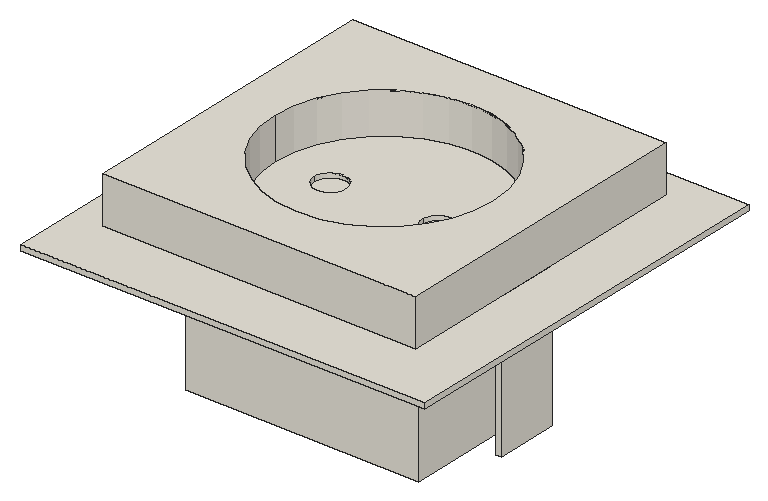
Revit family "Gira_045701", category Electrical Fixtures, host Face, Revit 2017
Family settings
  Host = Face
  Maintain Annotation Orientation = Yes
  Round Connector Dimension = Use Diameter
  Part Type = Normal
  Cut with Voids When Loaded = No
  Shared = No
  Room Calculation Point = No
Parameters (values of type "SCHUKO BSF System 55 Cremeweiß")
  Überspannungsschutz = "No"
  Werkstoffgüte = "sonstige"
  Werkstoff = "sonstige"
  Verdrehter Zentraleinsatz = "No"
  URL = "http://katalog.gira.de/de_DE/datenblatt.html?artikelnr=045701"
  Transparent = "No"
  Textfeld/Beschriftungsfläche = "Yes"
  Sonderstromversorgung = "ohne Sonderstromversorgung"
  Schutzleiterkontakt rund = "No"
  Schutzkontakt = "Yes"
  Region = "DE"
  RAL-Nummer (ähnlich) = "1013 "
  Oberfläche = "sonstige"
  Nennstrom = "16 Ampere"
  Nennspannung = "250 Volt"
  Name = "SCHUKO BSF System 55 Cremeweiß"
  Montageart = "unter Putz"
  Model = "SYS55_Steckdose"
  Mit erhöhtem Berührungsschutz = "No"
  Mit eingebauter USB-Spannungsversorgung = "No"
  Mit Signallampe = "No"
  Mit Orientierungsbeleuchtung = "No"
  Mit Klappdeckel = "No"
  Mit Funktionsbeleuchtung = "No"
  Mit Feinsicherung = "No"
  Mit Ein-/Ausschalter = "No"
  Mit Durchschleiffunktion = "No"
  Manufacturer URL = "https://www.gira.de/"
  Isolierter Einbau = "No"
  HeinzeBIM = "https://bimportal.heinze.de/bim/schuko-bsf-system-55-cremeweiss/545d6449bb7a3a52178a3a327e90021de61f1991"
  Halogenfrei = "Yes"
  HAN = "045701"
  Geeignet für Schutzart (IP) = "IP20"
  GTIN = "4010337457015"
  Für "erschwerte Bedingungen" (nach VDE) = "No"
  Fehlerstromschutz = "No"
  Farbe = "cremeweiß (elektroweiß)"
  Default Elevation = 1219.2 mm
  Data sheet (1) = "https://katalog.gira.de/de_DE/download.html?artikelnr=045701"
  Cremeweiß glänzend = Cremeweiß glänzend
  Category = "Steckdose"
  Befestigungsart = "Krallen-/Schraubbefestigung"
  Available = "Yes"
  Auswurfmechanismus = "No"
  Ausführung der Oberfläche = "glänzend"
  Ausführung = "Schuko"
  Aufdruck/Kennzeichnung = "ohne Aufdruck"
  Anzahl der Steckdosen schaltbar = "0 "
  Anzahl der Module (bei Modulbauweise) = "1 "
  Anzahl der Einheiten = "1 "
  Antibakterielle Behandlung = "No"
  Anschlussart = "Steckklemme"
  Abschließbar = "No"
Reference planes
  plane 1 "Center (Front/Back)": y = 0
  plane 2 "Reference Level 0": z = 0
  plane 3 "Center (Left/Right)": x = 0
  plane 4: x = 9.5
  plane 5: x = -9.5
  plane 6: x = 9.5
  plane 7: x = -9.5
  plane 8: x = 9.5
  plane 9: x = -9.5
  plane 10: x = 17.5
  plane 11 "Reference Level 1": z = 8.2
Forms (mm)
  Extrusion 1, solid, material "Cremeweiß glänzend" <- "Cremeweiß glänzend", detail levels coarse
    sketch origin (0, 0, 0) x (1, 0, 0) y (0, 1, 0)
      loop
        line (-35.5, 35.5) -> (-35.5, -35.5) -> (35.5, -35.5) -> (35.5, 35.5) -> (-35.5, 35.5)
    from -27.5 to 8.2
  Extrusion 2, solid, material "Cremeweiß glänzend" <- "Cremeweiß glänzend", detail levels medium+fine
    sketch origin (0, 0, 0) x (1, 0, 0) y (0, 1, 0)
      loop
        line (-35.5, 35.5) -> (-35.5, -35.5) -> (35.5, -35.5) -> (35.5, 35.5) -> (-35.5, 35.5)
    from -2.2 to -3.2
  Extrusion 3, solid, material "Cremeweiß glänzend" <- "Cremeweiß glänzend", detail levels medium+fine
    sketch origin (0, 0, 0) x (1, 0, 0) y (0, 1, 0)
      loop
        line (-27.5, 27.5) -> (-27.5, -27.5) -> (27.5, -27.5) -> (27.5, 27.5) -> (-27.5, 27.5)
      loop
        circle (0, 0) r 19.2
    from 0 to 8.2
  Extrusion 4, solid, material "Cremeweiß glänzend" <- "Cremeweiß glänzend", detail levels fine
    sketch origin (0, 0, 0) x (1, 0, 0) y (0, 1, 0)
      loop
        circle (0, 0) r 19.2
      loop
        circle (9.5, 0) r 2.8
      loop
        circle (-9.5, 0) r 2.8
    from 0 to 1
  Extrusion 5, solid, material "Cremeweiß glänzend" <- "Cremeweiß glänzend", detail levels fine
    sketch origin (0, 0, 0) x (1, 0, 0) y (0, 1, 0)
      loop
        circle (-9.5, 0) r 2.8
      loop
        circle (9.5, 0) r 2.8
    from -2.2 to 0.3
  Extrusion 6, solid, material "Cremeweiß glänzend" <- "Cremeweiß glänzend", detail levels medium
    sketch origin (0, 0, 0) x (1, 0, 0) y (0, 1, 0)
      loop
        circle (0, 0) r 19.2
      loop
        circle (9.5, 0) r 2.8
      loop
        circle (-9.5, 0) r 2.8
    from 7.2 to 8.2
  Extrusion 7, solid, material "Cremeweiß glänzend" <- "Cremeweiß glänzend", detail levels medium
    sketch origin (0, 0, 0) x (1, 0, 0) y (0, 1, 0)
      loop
        circle (-9.5, 0) r 2.8
      loop
        circle (9.5, 0) r 2.8
    from 7.2 to 8.2
  Extrusion 8, solid, material "Cremeweiß glänzend" <- "Cremeweiß glänzend", detail levels medium+fine
    sketch origin (0, 0, 0) x (1, 0, 0) y (0, 1, 0)
      loop
        line (-20.5, 9) -> (-20.5, -18) -> (20.5, -18) -> (20.5, 9) -> (17.5, 9) -> (3, 21) -> (3, 24) -> (-3, 24) -> (-3, 21) -> (-17.5, 9) -> (-20.5, 9)
    from 0 to -27.5
  Extrusion 9, solid, material "Cremeweiß glänzend" <- "Cremeweiß glänzend", detail levels medium+fine
    sketch origin (0, 0, 0) x (1, 0, 0) y (0, 1, 0)
      loop
        line (-25, 5.5) -> (-25, -5.5) -> (-24, -5.5) -> (-24, 5.5) -> (-25, 5.5)
    from 0 to -27.5
  Extrusion 10, solid, material "Cremeweiß glänzend" <- "Cremeweiß glänzend", detail levels medium+fine
    sketch origin (0, 0, 0) x (-1, 0, 0) y (0, -1, 0)
      loop
        line (-25, 5.5) -> (-25, -5.5) -> (-24, -5.5) -> (-24, 5.5) -> (-25, 5.5)
    from 0 to -27.5
Dimensions and locks
  aligned and locked: plane 2 "Reference Level 0" to host face
  aligned and locked: level to host face
  aligned and locked: plane 3 "Center (Left/Right)" to nested 1
  aligned and locked: plane 1 "Center (Front/Back)" to nested 1
Nested families
  nested 1: "Steckdose 1-fach Beschriftung" at (0, 0, 0), type "Steckdose 1-fach Beschriftung"
Connectors
  electrical at (0, 9, -27.5)
    settings: on Extrusion 8, index 1, voltage 220 V, apparent load 0 VA, apparent load phase1 0 VA, apparent load phase2 0 VA, apparent load phase3 0 VA, power factor 1, load classification "Other", number of poles 1, system type 31, power factor state 1, is connector primary yes, connector utility no, sub classification motor no, connector description ""
Definition of nested family "Steckdose 1-fach Beschriftung"
  Reference planes
    plane 1: y = 0
    plane 2: x = 0
  Lines and regions (mm)
    detail lines
      curve 1: line (0, 0, 0) -> (0, 2, 0)
      curve 3: line (0, 2, 0) -> (-1, 2, 0)
      curve 4: arc (1, 3, 0) -> (0, 2, 0) -> (-1, 3, 0) r 1
      curve 5: line (0, 2, 0) -> (1, 2, 0)
    reference lines
      curve 2: line (-0.485, 3, 0) -> (2.315, 3, 0)
  Dimensions and locks
    curve 1 to curve 1 = 2 mm
    plane 1 to curve 2 = 3 mm
    curve 3 to curve 3 = 1 mm
